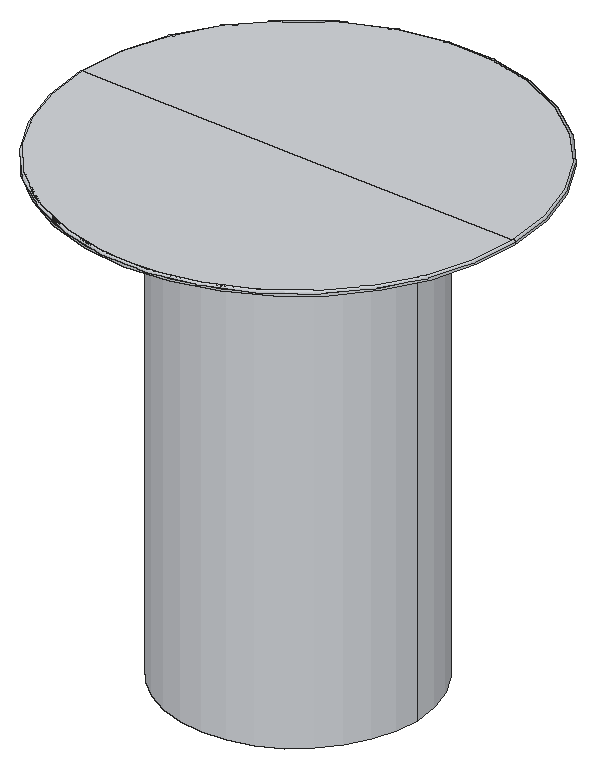
Revit family "Bernhardt-Design_Seating_Neighborhood_FreestandingTables", category Furniture, Revit 2016
Family settings
  OmniClass Number = 23.40.20.00
  OmniClass Title = General Furniture and Specialties
  Work Plane-Based = No
  Always vertical = Yes
  Cut with Voids When Loaded = No
  Shared = No
  Room Calculation Point = No
Parameters (values of type "JR1J")
  Upholstery Material [instance] = none
  URL = "http://bernhardtdesign.com/product/neighborhood/"
  Type Selection = 101
  Worksurface Material [instance] = none
  Model = "Neighborhood"
  Manufacturer = "Bernhardt Design"  # constant formula
  Copyright © = "Copyright © Bernhardt Design"  # constant formula
  Catalog [instance] = if(Type Selection = 100, "Neighborhood JR1X", if(Type Selection = 101, "Neighborhood JR1J", if(Type Selection = 110, "Neighborhood JR2X", if(Type Selection = 111, "Neighborhood JR2J", if(Type Selection = 200, "Neighborhood JS2X", if(Type Selection = 201, "Neighborhood JS2J", if(Type Selection = 210, "Neighborhood JS8X", "Neighborhood JS8J")))))))  # "Neighborhood JR1J"
  Authoring Version = "Autodesk Revit 2016"  # constant formula
  JR2 = no
  JR1 = yes
Types (5): name | Type Selection | Catalog | JR2 | JR1
  (no name) | 101 | "Neighborhood JR1J" | no | yes
  JR2X | 110 | "Neighborhood JR2X" | yes | no
  JR1X | 100 | "Neighborhood JR1X" | no | yes
  JR1J | 101 | "Neighborhood JR1J" | no | yes
  JR2J | 111 | "Neighborhood JR2J" | yes | no
Reference planes (in)
  plane 1 "Center Front/Back": y = 0
  plane 2: z = 0
  plane 3 "Center Left/Right": x = 0
Dimensions and locks (in)
  aligned and locked: level to plane 2
Nested families (in)
  nested 1: "Neighborhood_FreestandingTables_JR1X" at (0, 0, 0), Upholstery Material <- "Upholstery Material", Worksurface Finish <- "Worksurface Material", visible <- "JR1", type "Neighborhood JR1X"
    with Worksurface Finish none, Upholstery Material none
  nested 2: "Neighborhood_FreestandingTables_JR2X" at (0, 0, 0), visible <- "JR2", Upholstery Material <- "Upholstery Material", Worksurface Finish <- "Worksurface Material", type "Neighborhood JR2X"
    with Worksurface Finish none, Upholstery Material none
Definition of nested family "Neighborhood_FreestandingTables_JR1X"
  Parameters (values of type "Neighborhood JR1X")
    Worksurface Finish [instance] = none
    Upholstery Material [instance] = none
    URL = ""
    Model = ""
    Manufacturer = ""
  Reference planes (in)
    plane 1 "Center Front/Back": y = 0
    plane 2: z = 0
    plane 3 "Center Left/Right": x = 0
  Forms (in)
    Revolve 1, solid
      sketch origin (0, 0, 0) x (1, 0, 0) y (0, 0, 1)
        loop
          line (0, 0.25) -> (-5.5, 0.25) -> (-5.5, 0.125)
          arc (-5.5, 0.125) -> (-5.46339, 0.03661) -> (-5.375, 0) r 0.125
          line (-5.375, 0) -> (0, 0) -> (0, 0.25)
        axis (0, 0.25) -> (0, 0)
      angle from 0 to 360
    Revolve 2, solid, material <- "Upholstery Material"
      sketch origin (0, 0, 0) x (1, 0, 0) y (0, 0, 1)
        loop
          line (0, 22.5625) -> (-6.0625, 22.5625) -> (-6.0625, 0.25) -> (0, 0.25) -> (0, 22.5625)
        axis (0, 22.5625) -> (0, 0.25)
      angle from 0 to 360
    Revolve 3, solid, material <- "Worksurface Finish"
      sketch origin (0, 0, 0) x (1, 0, 0) y (0, 0, 1)
        loop
          line (0, 23.73425) -> (-10.90625, 23.73425)
          arc (-10.90625, 23.73425) -> (-10.97254, 23.70679) -> (-11, 23.6405) r 0.09375
          line (-11, 23.6405) -> (-11, 23.5374) -> (-9.31141, 22.75) -> (-8, 22.75) -> (-8, 22.5625) -> (0, 22.5625) -> (0, 23.73425)
        axis (0, 23.73425) -> (0, 22.5625)
      angle from 0 to 360
  Dimensions and locks (in)
    aligned and locked: level to plane 2
Definition of nested family "Neighborhood_FreestandingTables_JR2X"
  Parameters (values of type "Neighborhood JR2X")
    Worksurface Finish [instance] = none
    Upholstery Material [instance] = none
    URL = ""
    Model = ""
    Manufacturer = ""
  Reference planes (in)
    plane 1 "Center Front/Back": y = 0
    plane 2: z = 0
    plane 3 "Center Left/Right": x = 0
  Forms (in)
    Revolve 1, solid, material <- "Upholstery Material"
      sketch origin (0, 0, 0) x (1, 0, 0) y (0, 0, 1)
        loop
          line (0, 22.5625) -> (-9.5, 22.5625) -> (-9.5, 0.84375) -> (0, 0.84375) -> (0, 22.5625)
        axis (0, 22.5625) -> (0, 0.84375)
      angle from 0 to 360
    Extrusion 2, solid
      sketch origin (0, 0, 0) x (1, 0, 0) y (0, 1, 0)
        loop
          arc (-1.32353, 8.90215) -> (-9, 0) -> (-1.32353, -8.90215) r 9
          arc (-1.32353, -8.90215) -> (-0.92348, -8.78624) -> (-0.75, -8.40759) r 0.5
          line (-0.75, -8.40759) -> (-0.75, -6.37868)
          arc (-0.75, -6.37868) -> (-0.86395, -6.06093) -> (-1.15385, -5.88801) r 0.5
          arc (-1.15385, -5.88801) -> (-6, 0) -> (-1.15385, 5.88801) r 6
          arc (-1.15385, 5.88801) -> (-0.86395, 6.06093) -> (-0.75, 6.37868) r 0.5
          line (-0.75, 6.37868) -> (-0.75, 8.40759)
          arc (-0.75, 8.40759) -> (-0.92348, 8.78624) -> (-1.32353, 8.90215) r 0.5
        loop
          arc (0.75, 6.37868) -> (0.86395, 6.06093) -> (1.15385, 5.88801) r 0.5
          arc (1.15385, 5.88801) -> (6, 0) -> (1.15385, -5.88801) r 6
          arc (1.15385, -5.88801) -> (0.86395, -6.06093) -> (0.75, -6.37868) r 0.5
          line (0.75, -6.37868) -> (0.75, -8.40759)
          arc (0.75, -8.40759) -> (0.92348, -8.78624) -> (1.32353, -8.90215) r 0.5
          arc (1.32353, -8.90215) -> (9, 0) -> (1.32353, 8.90215) r 9
          arc (1.32353, 8.90215) -> (0.92348, 8.78624) -> (0.75, 8.40759) r 0.5
          line (0.75, 8.40759) -> (0.75, 6.37868)
      from 0 to 0.91695
    Extrusion 3, solid
      sketch origin (0, 0, 0) x (1, 0, 0) y (0, 0, 1)
        loop
          line (-1.44067, 14.01817) -> (-1.44067, 9.74912)
          arc (-1.44067, 9.74912) -> (-1.38409, 9.59073) -> (-1.23998, 9.50403) r 0.25
          arc (-1.23998, 9.50403) -> (0, 9.38166) -> (1.23953, 9.5085) r 6.22973
          arc (1.23953, 9.5085) -> (1.38305, 9.59537) -> (1.43933, 9.75341) r 0.25
          line (1.43933, 9.75341) -> (1.43933, 14.01387)
          arc (1.43933, 14.01387) -> (1.38305, 14.17191) -> (1.23953, 14.25878) r 0.25
          arc (1.23953, 14.25878) -> (0, 14.38562) -> (-1.23998, 14.26325) r 6.22973
          arc (-1.23998, 14.26325) -> (-1.38409, 14.17655) -> (-1.44067, 14.01817) r 0.25
      from 8.7748 to 9.60605
    Extrusion 4, solid
      sketch origin (0, 0, 0) x (1, 0, 0) y (0, 0, 1)
        loop
          arc (-0.56054, 13.19614) -> (-0.60473, 13.17784) -> (-0.62304, 13.13364) r 0.0625
          line (-0.62304, 13.13364) -> (-0.62304, 10.63364)
          arc (-0.62304, 10.63364) -> (-0.60473, 10.58945) -> (-0.56054, 10.57114) r 0.0625
          line (-0.56054, 10.57114) -> (0.56446, 10.57114)
          arc (0.56446, 10.57114) -> (0.60866, 10.58945) -> (0.62696, 10.63364) r 0.0625
          line (0.62696, 10.63364) -> (0.62696, 13.13364)
          arc (0.62696, 13.13364) -> (0.60866, 13.17784) -> (0.56446, 13.19614) r 0.0625
          line (0.56446, 13.19614) -> (-0.56054, 13.19614)
        loop
          line (-0.24804, 12.94614) -> (-0.24804, 12.72614) -> (0.25196, 12.72614) -> (0.25196, 12.94614) -> (-0.24804, 12.94614)
        loop
          line (-0.24804, 12.61764) -> (-0.24804, 12.39764) -> (0.25196, 12.39764) -> (0.25196, 12.61764) -> (-0.24804, 12.61764)
        loop
          line (-0.28055, 11.42994) -> (-0.28055, 11.15164) -> (-0.15605, 11.15164) -> (-0.15605, 11.42994) -> (-0.28055, 11.42994)
        loop
          line (0.21395, 11.38439) -> (0.21395, 11.15164) -> (0.34195, 11.15164) -> (0.34195, 11.38439) -> (0.21395, 11.38439)
        loop
          line (-0.12304, 10.77114) -> (-0.12304, 10.69614) -> (0.12696, 10.69614) -> (0.12696, 10.77114)
          arc (0.12696, 10.77114) -> (0.00196, 10.86414) -> (-0.12304, 10.77114) r 0.1305
      from 9.17477 to 9.72845
    Revolve 5, solid, material <- "Worksurface Finish"
      sketch origin (0, 0, 0) x (1, 0, 0) y (0, 0, 1)
        loop
          line (0, 23.73425) -> (-20.90625, 23.73425)
          arc (-20.90625, 23.73425) -> (-20.97254, 23.70679) -> (-21, 23.6405) r 0.09375
          line (-21, 23.6405) -> (-21, 23.53832) -> (-19.30945, 22.75) -> (-11, 22.75) -> (-11, 22.5625) -> (0, 22.5625) -> (0, 23.73425)
        axis (0, 23.73425) -> (0, 22.5625)
      angle from 0 to 360
  Dimensions and locks (in)
    aligned and locked: level to plane 2
